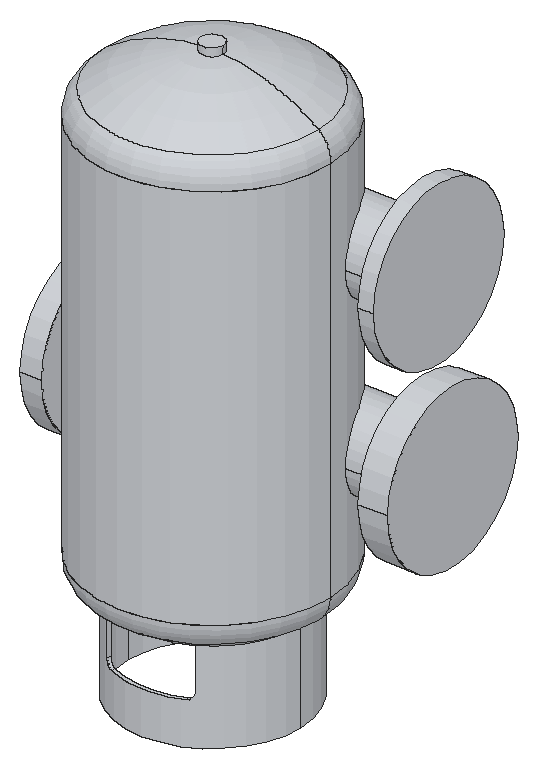
Revit family
Parameters (values of type "5-AS 125# W.P.")
  Weight = "180 lbs"
  Top to Inlet = 11.250"
  Top Connection Radius = 0.375"
  Top Connection Diameter = Top Connection Radius * 2  # 0.750"
  Tank Height = 39.125
  Tangential = yes
  Tank Height Less Stand = 34.500"
  Tank Diameter = 16.000"
  Pipe Location off CL = 4.188"
  Outlet Pipe Flange Conn. Radius = Outlet Pipe Flange Conn / 2  # 2.500"
  Outlet Pipe Flange Conn = 5.000"
  Nipple Connection Radius = 2.000"
  Model = "5\"-AS"
  Pressure Drop = "1.2"
  Max Operating Temp = "350 DEG F"
  Max Operating Pressure = "125 PSI"
  Manufacturer = "Amtrol"
  Inlet CL to Outlet CL = 12.000"
  Inlet Pipe Flange Conn = 5.000"
  Inlet Pipe Flange Conn. Radius = Inlet Pipe Flange Conn / 2  # 2.500"
  Flow (GPM) = "375"
  Flange to Flange Height = 24.000"
  CL to Outlet Flange = 12.000"
  Bottom Connection Radius = Bottom Connection Diameter / 2  # 0.375"
  Bottom Connection Diameter = 0.750"
  ASME = yes
Types (4): name | Weight | Max Operating Pressure
  (no name) | "180 lbs" | "125 PSI"
  5-AS 125# W.P. | "180 lbs" | "125 PSI"
  5-AS 150# W.P. 10 BAR | "180 lbs" | "150 PSI"
  5-AS 300# W.P. | "200 lbs" | "300 PSI"
Reference planes (in)
  plane 1 "Center (Front/Back)": y = 0
  plane 2: z = 0
  plane 3 "Center (Left/Right)": x = 0
Forms (in)
  Revolve 1, solid
    sketch origin (0, 0, 0) x (1, 0, 0) y (0, 0, 1)
      loop
        line (0, 35.00001) -> (0, 0.50001)
        arc (0, 0.50001) -> (3.79165, 1.10925) -> (7.19668, 2.88509) r 12
        arc (7.19668, 2.88509) -> (7.78793, 3.59129) -> (8, 4.48757) r 2
        line (8, 4.48757) -> (8, 30.85095)
        arc (8, 30.85095) -> (7.83378, 31.84992) -> (7.19951, 32.63941) r 2
        arc (7.19951, 32.63941) -> (3.79095, 34.40283) -> (0, 35.00001) r 12
      axis (0, 0.50001) -> (0, 35.00001)
    angle from 0 to 360
  Extrusion 2, solid
    sketch origin (0, 0, 4.33383) x (0, 1, 0) y (0, 0, 1)
      loop
        circle (4.188, 19.41333) r 2.8125
    from 2.04863 to 10.9375
  Extrusion 3, solid
    sketch origin (2.26407, 0, 5.20428) x (0, 1, 0) y (0, 0, 1)
      loop
        circle (4.188, 6.54287) r 2.8125
    from -12.82657 to 8.67343
  Extrusion 4, solid
    sketch origin (0, 0, 8.25512) x (0, 1, 0) y (0, 0, 1)
      loop
        circle (4.188, 15.49203) r 5.5
    from 10.9375 to 12
  Extrusion 5, solid
    sketch origin (0, 0, 0.63219) x (0, 1, 0) y (0, 0, 1)
      loop
        circle (4.188, 11.11497) r 5.5
    from -10.5625 to -12
  Sweep 6, solid
    path origin (-0.02352, 0, 11.81565) x (1, 0, 0) y (0, 0, 1)
      loop
        line (0, 23.1815) -> (0, 23.6875)
    profile origin (-0.02352, 0, 35.25015) x (-1, 0, 0) y (0, -1, 0)
      loop
        circle (0, 0) r 0.75
  Sweep 7, solid
    path origin (0, 0, 0) x (1, 0, 0) y (0, 0, 1)
      loop
        line (0, 0) -> (0, 0.5538)
    profile origin (0, 0, 0.2769) x (-1, 0, 0) y (0, -1, 0)
      loop
        circle (0, 0) r 0.75
  Extrusion 8, solid
    sketch origin (0, 0, 0) x (0, 1, 0) y (0, 0, 1)
      loop
        circle (4.188, 11.74715) r 5.5
    from 12.937 to 10.9375
  Extrusion 9, solid
    sketch origin (0, 0, 0) x (1, 0, 0) y (0, 1, 0)
      loop
        circle (0, 0) r 6
      loop
        circle (0, 0) r 5.75
    from 2.75832 to -4.11838
  Extrusion 10, void
    sketch origin (0, 0, 0) x (1, 0, 0) y (0, 0, 1)
      loop
        line (-3, 2.75832) -> (-3, -0.74168)
        arc (-3, -0.74168) -> (-2.85355, -1.09523) -> (-2.5, -1.24168) r 0.5
        line (-2.5, -1.24168) -> (2.5, -1.24168)
        arc (2.5, -1.24168) -> (2.85355, -1.09523) -> (3, -0.74168) r 0.5
        line (3, -0.74168) -> (3, 2.75832) -> (-3, 2.75832)
    from 4.41095 to 7.06958
Cuts and joins
  Extrusion 10 cuts Sweep 7
  Extrusion 10 cuts Extrusion 9
Text (in)
  text "INLET" at (16.37004, 0, 24.72974), in view "Front"
  text "OUTLET" at (-25.37188, 0, 12.35504), in view "Front"
  text "STRAINER\n\nACCESS" at (21.53004, 0, 13.85395), in view "Front"
Dimensions and locks (in)
  "Pipe Location off CL": plane 1 "Center (Front/Back)" to Extrusion 2 sketch curve
  "Pipe Location off CL": plane 1 "Center (Front/Back)" to Extrusion 3 sketch curve
  "Pipe Location off CL": Extrusion 5 sketch curve to plane 1 "Center (Front/Back)"
  "Pipe Location off CL": Extrusion 4 sketch curve to plane 1 "Center (Front/Back)"
  "CL to Outlet Flange": Extrusion 5 to plane 3 "Center (Left/Right)"
  "Tank Height Less Stand": Revolve 1 sketch curve to Revolve 1 sketch curve
  Revolve 1 sketch curve to level = 0.50001"
  Revolve 1 sketch curve to plane 3 "Center (Left/Right)" = 8.000"
  "Top to Inlet": Sweep 6 to Extrusion 4 sketch curve
  "Top to Inlet": Sweep 6 to Extrusion 2 sketch curve
  locked: Sweep 6 to Extrusion 5 sketch curve at 23.25
  locked: Sweep 6 to Extrusion 3 sketch curve at 23.25
  locked: Extrusion 8 sketch curve to Sweep 7 at 11.19335
  radius of Revolve 1 sketch curve = 12.000"  (x2)
  radius of Revolve 1 sketch curve = 2.000"  (x2)
  aligned and locked: Revolve 1 sketch curve to plane 3 "Center (Left/Right)"
  aligned and locked: Extrusion 2 to Extrusion 4
  aligned and locked: Extrusion 3 to Extrusion 5
  aligned and locked: Extrusion 3 to Extrusion 2
Automatic sketch dimensions
  Sweep 6 sketch curve to plane 3 "Center (Left/Right)" = 0.02352"
  level to Sweep 6 sketch curve = 34.99715"
  Sweep 6 sketch curve to Sweep 6 sketch curve = 0.506"
  plane 1 "Center (Front/Back)" to Sweep 6 sketch curve = 0.000"
  Sweep 6 sketch curve to profile plane = 0.000"
  Sweep 7 sketch curve to plane 3 "Center (Left/Right)" = 0.000"
  Sweep 7 sketch curve to level = 0.000"
  level to Sweep 7 sketch curve = 0.5538"
  plane 1 "Center (Front/Back)" to Sweep 7 sketch curve = 0.000"
  Sweep 7 sketch curve to profile plane = 0.000"
  Revolve 1 sketch curve to plane 3 "Center (Left/Right)" = 0.000"
  plane 3 "Center (Left/Right)" to Revolve 1 sketch curve = 0.0166"
  plane 3 "Center (Left/Right)" to Revolve 1 sketch curve = 0.0522"
  Revolve 1 sketch curve to Revolve 1 sketch curve = 1.99171"
  Revolve 1 sketch curve to Revolve 1 sketch curve = 0.80332"
  Revolve 1 sketch curve to Revolve 1 sketch curve = 0.80049"
  Revolve 1 sketch curve to Revolve 1 sketch curve = 0.000"
  Revolve 1 sketch curve to Revolve 1 sketch curve = 9.500"
  Extrusion 8 sketch curve to plane 1 "Center (Front/Back)" = 4.188"
  Extrusion 9 sketch curve to Extrusion 9 sketch curve = 0.000"  (x2)
  plane 1 "Center (Front/Back)" to Extrusion 9 sketch curve = 0.000"
  Extrusion 9 sketch curve to plane 3 "Center (Left/Right)" = 0.000"
  Extrusion 10 sketch curve to plane 3 "Center (Left/Right)" = 3.000"
  Extrusion 10 sketch curve to Extrusion 10 sketch curve = 0.500"  (x2)
  Extrusion 10 sketch curve to level = 0.74168"
  plane 3 "Center (Left/Right)" to Extrusion 10 sketch curve = 2.500"
  level to Extrusion 10 sketch curve = 2.75832"
  radius of Extrusion 2 sketch curve = 2.8125"
  radius of Extrusion 3 sketch curve = 2.8125"
  radius of Extrusion 4 sketch curve = 5.500"
  radius of Extrusion 5 sketch curve = 5.500"
  radius of Sweep 6 sketch curve = 0.750"
  radius of Sweep 7 sketch curve = 0.750"
  radius of Extrusion 8 sketch curve = 5.500"
  radius of Extrusion 9 sketch curve = 6.000"
  radius of Extrusion 9 sketch curve = 5.750"
Connectors (in)
  piping at (-0.02352, 0, 35.50315), driven by "Top Connection Radius"
    settings: on Sweep 6, index 3
  piping at (-12, 4.188, 11.74715), driven by "Outlet Pipe Flange Conn. Radius"
    settings: on Extrusion 5, index 4
  piping at (0, 0, 0), driven by "Bottom Connection Radius"
    settings: on Sweep 7, index 5
  piping at (12, 4.188, 23.74715), driven by "Inlet Pipe Flange Conn. Radius"
    settings: on Extrusion 4, index 6
